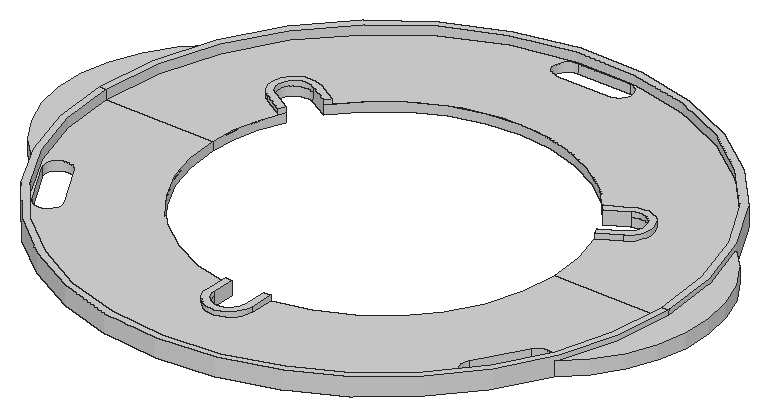
Revit family "A1-C3", category Plumbing Fixtures, Revit 2018
Family settings
  Round Connector Dimension = Use Diameter
  Part Type = Normal
  Work Plane-Based = No
  Always vertical = Yes
  Cut with Voids When Loaded = No
  Shared = No
  Room Calculation Point = No
Parameters (values of type "A1-C3")
  URL = "WWW.MIFAB.COM"
  Model = "A1-C3"
  Manufacturer = "MIFAB"
  Description = "MEMBRANE CLAMP FOR SMALL DRAINS"
Reference planes (in)
  plane 1 "Center (Front/Back)": y = 0
  plane 2: z = 0
  plane 3 "Center (Left/Right)": x = 0
  plane 4: x = -4
  plane 5: x = 4
  plane 6: y = 4
  plane 7: y = -4
  plane 8: z = 2
Forms (in)
  Revolve 1, solid, material "Steel"
    sketch origin (0, 0, 0) x (1, 0, 0) y (0, 0, 1)
      loop
        line (4, 0.25) -> (3.90463, 0.25) -> (3.90463, 0.125) -> (2.40463, 0.125) -> (2.40463, 0) -> (4, 0) -> (4, 0.25)
      axis (0, 0.25) -> (0, 0)
    angle from 0 to 360
  Extrusion 2, solid, material "Steel"
    sketch origin (0, 0, 0) x (1, 0, 0) y (0, 1, 0)
      loop
        line (0.22227, -2.39434) -> (0.22227, -2.70786)
        arc (0.22227, -2.70786) -> (0, -2.93013) -> (-0.22227, -2.70786) r 0.22227
        line (-0.22227, -2.70786) -> (-0.22227, -2.39434)
        arc (-0.22227, -2.39434) -> (-0.2692, -2.38952) -> (-0.31602, -2.38378) r 2.40463
        line (-0.31602, -2.38378) -> (-0.31602, -2.70786)
        arc (-0.31602, -2.70786) -> (0, -3.02388) -> (0.31602, -2.70786) r 0.31602
        line (0.31602, -2.70786) -> (0.31602, -2.38378)
        arc (0.31602, -2.38378) -> (0.2692, -2.38952) -> (0.22227, -2.39434) r 2.40463
    from 0.09375 to 0.19243
  Extrusion 3, solid, material "Steel"
    sketch origin (0, 0, 0) x (-0.5, -0.866025, 0) y (0.866025, -0.5, 0)
      loop
        line (0.22227, -2.39434) -> (0.22227, -2.70786)
        arc (0.22227, -2.70786) -> (0, -2.93013) -> (-0.22227, -2.70786) r 0.22227
        line (-0.22227, -2.70786) -> (-0.22227, -2.39434)
        arc (-0.22227, -2.39434) -> (-0.2692, -2.38952) -> (-0.31602, -2.38378) r 2.40463
        line (-0.31602, -2.38378) -> (-0.31602, -2.70786)
        arc (-0.31602, -2.70786) -> (0, -3.02388) -> (0.31602, -2.70786) r 0.31602
        line (0.31602, -2.70786) -> (0.31602, -2.38378)
        arc (0.31602, -2.38378) -> (0.2692, -2.38952) -> (0.22227, -2.39434) r 2.40463
    from 0.09375 to 0.19243
  Extrusion 4, solid, material "Steel"
    sketch origin (0, 0, 0) x (0.5, 0.866025, 0) y (-0.866025, 0.5, 0)
      loop
        arc (1.96242, -1.38966) -> (1.93478, -1.42789) -> (1.9064, -1.46557) r 2.40463
        line (1.9064, -1.46557) -> (2.18706, -1.62761)
        arc (2.18706, -1.62761) -> (2.61876, -1.51194) -> (2.50309, -1.08024) r 0.31602
        line (2.50309, -1.08024) -> (2.22242, -0.9182)
        arc (2.22242, -0.9182) -> (2.20398, -0.96162) -> (2.18469, -1.00467) r 2.40463
        line (2.18469, -1.00467) -> (2.45621, -1.16143)
        arc (2.45621, -1.16143) -> (2.53757, -1.46507) -> (2.23394, -1.54642) r 0.22227
        line (2.23394, -1.54642) -> (1.96242, -1.38966)
    from 0.09375 to 0.19243
  Extrusion 5, void
    sketch origin (0, 0, 0) x (1, 0, 0) y (0, 1, 0)
      loop
        arc (-2.18469, 1.00467) -> (-2.08247, 1.20232) -> (-1.96242, 1.38966) r 2.40463
        line (-1.96242, 1.38966) -> (-2.23394, 1.54642)
        arc (-2.23394, 1.54642) -> (-2.53757, 1.46507) -> (-2.45621, 1.16143) r 0.22227
        line (-2.45621, 1.16143) -> (-2.18469, 1.00467)
      loop
        line (2.18469, 1.00467) -> (2.45621, 1.16143)
        arc (2.45621, 1.16143) -> (2.53757, 1.46507) -> (2.23394, 1.54642) r 0.22227
        line (2.23394, 1.54642) -> (1.96242, 1.38966)
        arc (1.96242, 1.38966) -> (2.08247, 1.20232) -> (2.18469, 1.00467) r 2.40463
      loop
        line (-0.22227, -2.39434) -> (-0.22227, -2.70786)
        arc (-0.22227, -2.70786) -> (0, -2.93013) -> (0.22227, -2.70786) r 0.22227
        line (0.22227, -2.70786) -> (0.22227, -2.39434)
        arc (0.22227, -2.39434) -> (0, -2.40463) -> (-0.22227, -2.39434) r 2.40463
      loop
        arc (-0.36425, 3.85635) -> (-0.54529, 3.67531) -> (-0.36425, 3.49427) r 0.18104
        line (-0.36425, 3.49427) -> (0.36425, 3.49427)
        arc (0.36425, 3.49427) -> (0.54529, 3.67531) -> (0.36425, 3.85635) r 0.18104
        line (0.36425, 3.85635) -> (-0.36425, 3.85635)
      loop
        arc (3.53438, -1.62835) -> (3.46812, -1.38104) -> (3.22081, -1.44731) r 0.18104
        line (3.22081, -1.44731) -> (2.85656, -2.07821)
        arc (2.85656, -2.07821) -> (2.92282, -2.32552) -> (3.17013, -2.25925) r 0.18104
        line (3.17013, -2.25925) -> (3.53438, -1.62835)
      loop
        line (-3.50313, -1.62835) -> (-3.13888, -2.25925)
        arc (-3.13888, -2.25925) -> (-2.89157, -2.32552) -> (-2.82531, -2.07821) r 0.18104
        line (-2.82531, -2.07821) -> (-3.18956, -1.44731)
        arc (-3.18956, -1.44731) -> (-3.43687, -1.38104) -> (-3.50313, -1.62835) r 0.18104
    from 0 to 0.19243
  Extrusion 6, solid, material "Steel"
    sketch origin (0, 0, 0) x (1, 0, 0) y (0, 1, 0)
      loop
        arc (3.66692, -1.59803) -> (4.41429, 0) -> (3.66692, 1.59803) r 2.08214
        arc (3.66692, 1.59803) -> (4, 0) -> (3.66692, -1.59803) r 4
      loop
        arc (-3.66692, -1.59803) -> (-4, 0) -> (-3.66692, 1.59803) r 4
        arc (-3.66692, 1.59803) -> (-4.41429, 0) -> (-3.66692, -1.59803) r 2.08214
    from 0 to 0.19243
Cuts and joins
  Extrusion 5 cuts Revolve 1
  Extrusion 5 cuts Extrusion 2
  Extrusion 5 cuts Extrusion 3
  Extrusion 5 cuts Extrusion 4
  joined: Revolve 1, Extrusion 2, Extrusion 3, Extrusion 4, Extrusion 6
Dimensions and locks (in)
  plane 4 to plane 3 "Center (Left/Right)" to plane 5 = 0' - 4", 0' - 4"
  plane 4 to plane 5 = 0' - 8"
  equal spacing: plane 7, plane 1 "Center (Front/Back)", plane 6
  plane 7 to plane 6 = 0' - 8"
  locked: plane 8 to plane 2 at 2
  plane 8 to plane 2 = 0' - 2"
  plane 6 to plane 1 "Center (Front/Back)" to plane 7 = 0' - 4", 0' - 4"
  plane 6 to plane 7 = 0' - 8"
  aligned and locked: level to plane 2
Automatic sketch dimensions
  Extrusion 2 sketch curve to Extrusion 2 sketch curve = 0' - 0"  (x8)
  Extrusion 2 sketch curve to Extrusion 2 sketch curve = 0' - 0 3/32"
  Extrusion 2 sketch curve to Extrusion 2 sketch curve = 0' - 0.31352"
  Extrusion 2 sketch curve to Extrusion 2 sketch curve = 0' - 0.01056"  (x2)
  Extrusion 2 sketch curve to Extrusion 2 sketch curve = 0' - 0.22227"  (x2)
  Extrusion 3 sketch curve to Extrusion 3 sketch curve = 0' - 0"  (x8)
  Extrusion 3 sketch curve to Extrusion 3 sketch curve = 0' - 0 3/32"
  Extrusion 3 sketch curve to Extrusion 3 sketch curve = 0' - 0.31352"
  Extrusion 3 sketch curve to Extrusion 3 sketch curve = 0' - 0.01056"  (x2)
  Extrusion 3 sketch curve to Extrusion 3 sketch curve = 0' - 0.22227"  (x2)
  Extrusion 4 sketch curve to Extrusion 4 sketch curve = 0' - 0"  (x8)
  Extrusion 4 sketch curve to Extrusion 4 sketch curve = 0' - 0.05602"
  Extrusion 4 sketch curve to Extrusion 4 sketch curve = 0' - 0.15676"  (x2)
  Extrusion 4 sketch curve to Extrusion 4 sketch curve = 0' - 0.07591"
  Extrusion 4 sketch curve to Extrusion 4 sketch curve = 0' - 0.08647"
  Extrusion 4 sketch curve to Extrusion 4 sketch curve = 0' - 0.11114"  (x2)
  Extrusion 4 sketch curve to Extrusion 4 sketch curve = 0' - 2.18469"
  Extrusion 2 sketch curve to plane 3 "Center (Left/Right)" = 0' - 0"
  plane 1 "Center (Front/Back)" to Extrusion 2 sketch curve = 0' - 0"
  plane 1 "Center (Front/Back)" to Extrusion 3 sketch curve = 0' - 0"
  Extrusion 3 sketch curve to plane 3 "Center (Left/Right)" = 0' - 0"
  plane 1 "Center (Front/Back)" to Extrusion 4 sketch curve = 0' - 0"
  Extrusion 4 sketch curve to plane 3 "Center (Left/Right)" = 0' - 0"
  Extrusion 4 sketch curve to Extrusion 4 sketch curve = 0' - 0.2783"
  Extrusion 4 sketch curve to Extrusion 4 sketch curve = 0' - 0.28066"
  Extrusion 4 sketch curve to Extrusion 4 sketch curve = 0' - 0.03773"
  Extrusion 4 sketch curve to Extrusion 4 sketch curve = 0' - 0 3/64"  (x2)
  Extrusion 4 sketch curve to Extrusion 4 sketch curve = 0' - 0.08119"
  Revolve 1 sketch curve to plane 3 "Center (Left/Right)" = 0' - 0"
  Revolve 1 sketch curve to level = 0' - 0"
  plane 5 to Revolve 1 sketch curve = 0' - 0"
  plane 5 to Revolve 1 sketch curve = 0' - 1.59537"
  plane 5 to Revolve 1 sketch curve = 0' - 0.09537"
  Revolve 1 sketch curve to Revolve 1 sketch curve = 0' - 0 1/8"  (x2)
  Revolve 1 sketch curve to level = 0' - 1"
  Revolve 1 sketch curve to Revolve 1 sketch curve = 0' - 0 3/4"
  Extrusion 5 sketch curve to Extrusion 5 sketch curve = 0' - 0"  (x6)
  plane 1 "Center (Front/Back)" to Extrusion 5 sketch curve = 0' - 0"
  Extrusion 5 sketch curve to plane 3 "Center (Left/Right)" = 0' - 0"  (x2)
  Extrusion 5 sketch curve to plane 3 "Center (Left/Right)" = 0' - 0.22227"
  Extrusion 5 sketch curve to plane 3 "Center (Left/Right)" = 0' - 0.36425"
  Extrusion 5 sketch curve to plane 3 "Center (Left/Right)" = 0' - 1.96242"
  Extrusion 5 sketch curve to plane 1 "Center (Front/Back)" = 0' - 1.00467"  (x2)
  Extrusion 5 sketch curve to Extrusion 5 sketch curve = 0' - 0.22227"  (x2)
  Extrusion 5 sketch curve to Extrusion 5 sketch curve = 0' - 0.27152"  (x2)
  Extrusion 5 sketch curve to Extrusion 5 sketch curve = 0' - 0.11114"  (x4)
  Extrusion 5 sketch curve to plane 1 "Center (Front/Back)" = 0' - 1.16143"  (x2)
  plane 4 to Extrusion 5 sketch curve = 0' - 1.17469"
  Extrusion 5 sketch curve to Extrusion 5 sketch curve = 0' - 0.15679"  (x8)
  Extrusion 5 sketch curve to Extrusion 5 sketch curve = 0' - 0.36425"  (x2)
  plane 3 "Center (Left/Right)" to Extrusion 5 sketch curve = 0' - 0.36425"
  plane 3 "Center (Left/Right)" to Extrusion 5 sketch curve = 0' - 1.96242"
  plane 5 to Extrusion 5 sketch curve = 0' - 1.14344"
  plane 1 "Center (Front/Back)" to Extrusion 5 sketch curve = 0' - 1.44731"  (x2)
  Extrusion 5 sketch curve to Extrusion 5 sketch curve = 0' - 0.09052"  (x4)
  Extrusion 5 sketch curve to Extrusion 5 sketch curve = 0' - 0.6309"  (x2)
  Extrusion 5 sketch curve to plane 7 = 0' - 1.60566"
  Extrusion 5 sketch curve to Extrusion 5 sketch curve = 0' - 0.31352"
  Extrusion 5 sketch curve to Extrusion 5 sketch curve = 0' - 0.1925"  (x2)
  Extrusion 5 sketch curve to plane 6 = 0' - 0.50573"
  Extrusion 5 sketch curve to Extrusion 5 sketch curve = 0' - 0.18104"
  Extrusion 6 sketch curve to Extrusion 6 sketch curve = 0' - 0"  (x2)
  plane 1 "Center (Front/Back)" to Extrusion 6 sketch curve = 0' - 0"  (x3)
  Extrusion 6 sketch curve to plane 3 "Center (Left/Right)" = 0' - 0"
  plane 4 to Extrusion 6 sketch curve = 0' - 1.66785"
  plane 5 to Extrusion 6 sketch curve = 0' - 1.66785"
  plane 4 to Extrusion 6 sketch curve = 0' - 0.33308"
  plane 5 to Extrusion 6 sketch curve = 0' - 0.33308"
  plane 1 "Center (Front/Back)" to Extrusion 6 sketch curve = 0' - 1.59803"  (x2)
